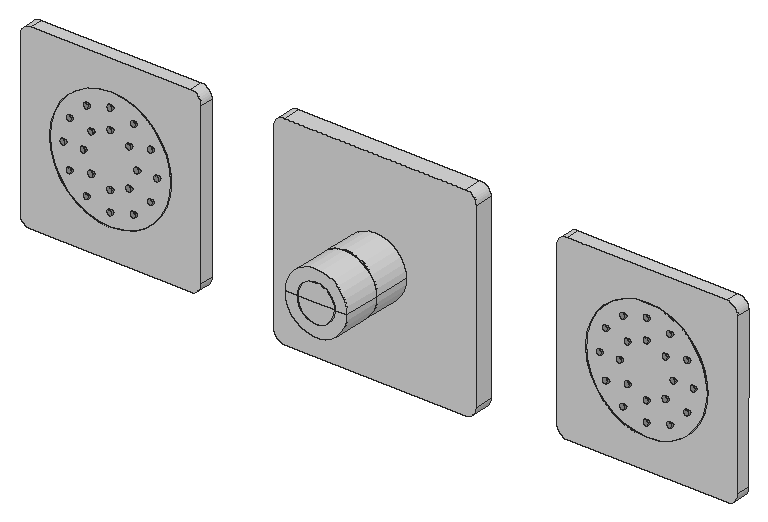
Revit family "Reece_Shower_American Standard_EasySET_Shower Set_Double Body Spray", category Plumbing Fixtures, Revit 2018
Family settings
  Round Connector Dimension = Use Diameter
  Part Type = Normal
  Work Plane-Based = Yes
  Always vertical = Yes
  Cut with Voids When Loaded = Yes
  Shared = Yes
  Room Calculation Point = Yes
Parameters
  URL = "https://www.reece.com.au/product/-9508983"
  Type Comments = "Shower"
  Reece_Shower_Inlet = 12 mm  # constant formula
  Reece_Shower_Body Shower Controller Height [instance] = 1200 mm
  Reece_Shower_Body Shower Controller Offset [instance] = 0 mm
  Reece_Shower_Body Jet 2 Height [instance] = 1200 mm
  Reece_Shower_Body Jet 2 Offset [instance] = 200 mm
  Reece_Shower_Body Jet 1 Height [instance] = 1200 mm
  Reece_Shower_Body Jet 1 Offset [instance] = 200 mm
  Reece_Product_Web Page = "https://www.reece.com.au/product/-9508983"
  Reece_Product_Type = "Shower"  # constant formula
  Reece_Product_Sub Brand = "EasySET"  # constant formula
  Reece_Product_Number = "9508983"
  Reece_Product_Mount = "Wall Mounted"
  Reece_Product_Description = "American Standard EasySET Double Body Spray Add-On to EasySET Thermostat Chrome"
  Reece_Product_Brand = "American Standard"  # constant formula
  Reece_Overall_Width [instance] = 535 mm
  Reece_Overall_Height [instance] = 151 mm
  Reece_Material_Secondary = Reece_Plastic_ABS
  Reece_Material_Main = Reece_Brass_Chrome
  Reece_Detail_Disclaimer = "THIS FILE IS THE PROPERTY OF THE REECE GROUP. IT MAY NOT BE REPRODUCED, REVERSE-ENGINEERED OR MODIFIED. ANY REPUBLICATION, TRANSMISSION OR DISTRIBUTION FOR THE PURPOSE OF COMMERCIALLY EXPLOITING THE FILES IS PROHIBITED."  # constant formula
  Reece_Detail_Additional = "Double Body Spray"  # constant formula
  Model = "EasySET"
  Manufacturer = "American Standard"
  Keynote = "Product #9508983, Reece_Shower_American Standard_EasySET_Shower Set_Double Body Spray -  "
  Disclaimer = "THIS FILE IS THE PROPERTY OF THE REECE GROUP. IT MAY NOT BE REPRODUCED, REVERSE-ENGINEERED OR MODIFIED. ANY REPUBLICATION, TRANSMISSION OR DISTRIBUTION FOR THE PURPOSE OF COMMERCIALLY EXPLOITING THE FILES IS PROHIBITED."  # constant formula
  Description = "American Standard EasySET Double Body Spray Add-On to EasySET Thermostat Chrome"
  Default Elevation = 0 mm
Types (2, lengths in mm): name | Keynote
  (no name) | "Product #9508983, Reece_Shower_American Standard_EasySET_Shower Set_Double Body Spray -  "
  Chrome | "Product #9508983, Reece_Shower_American Standard_EasySET_Shower Set_Double Body Spray - Chrome"
Reference planes
  plane 1 "Center (Front/Back)": y = 0
  plane 2 "Body Shower Controller Height": z = 1200
  plane 3 "Center (Left/Right)": x = 0
  plane 4 "Bottom Of Invisible Line": z = -5
  plane 5 "Body Jet 1 CL": x = -200
  plane 6 "Body Jet 2 CL": x = 200
  plane 7: x = -267.5
  plane 8: x = 267.5
  plane 9: z = 1275.5
  plane 10: z = 1124.5
  plane 11 "Body Shower Controller CL": x = 0
  plane 12 "Body Jet 1 Height": z = 1200
  plane 13 "Body Jet 2 Height": z = 1200
Lines and regions (mm)
  model lines, style "InvisibleLines"
    curve 1: line (0, 0, -5) -> (0, 0, 1200)
Text (mm)
  text "Reece ©" at (2872.125, -2467.302, 2677.385), in view "Reece Preview"
  text "Reece ©" at (353.128, -531.372, -1020.679), in view "Ref. Level"
Dimensions and locks
  locked: level to plane 4 "Bottom Of Invisible Line" at 5
  "Reece_Overall_Width": plane 7 to plane 8
  "Reece_Shower_Body Jet 1 Offset": plane 5 "Body Jet 1 CL" to plane 3 "Center (Left/Right)"
  "Reece_Shower_Body Jet 2 Offset": plane 3 "Center (Left/Right)" to plane 6 "Body Jet 2 CL"
  "Reece_Shower_Body Shower Controller Offset": plane 11 "Body Shower Controller CL" to plane 3 "Center (Left/Right)"
  "Reece_Shower_Body Shower Controller Height": plane 2 "Body Shower Controller Height" to level
  "Reece_Shower_Body Jet 1 Height": plane 12 "Body Jet 1 Height" to level
  "Reece_Shower_Body Jet 2 Height": plane 13 "Body Jet 2 Height" to level
  "Reece_Overall_Height": plane 10 to plane 9
  aligned and locked: plane 2 "Body Shower Controller Height" to curve 1
  aligned and locked: plane 4 "Bottom Of Invisible Line" to curve 1
  aligned and locked: plane 3 "Center (Left/Right)" to curve 1
  aligned and locked: nested 1 to plane 5 "Body Jet 1 CL"
  aligned and locked: plane 1 "Center (Front/Back)" to nested 1
  aligned and locked: nested 3 to plane 6 "Body Jet 2 CL"
  aligned and locked: plane 2 "Body Shower Controller Height" to nested 2
  aligned and locked: plane 11 "Body Shower Controller CL" to nested 2
  aligned and locked: nested 1 to plane 12 "Body Jet 1 Height"
  aligned and locked: plane 13 "Body Jet 2 Height" to nested 3
Nested families
  nested 1: "Reece_Shower_American Standard_EasySET_Shower Head_Body Jet_Nested" at (-200, 0, 1200) x (0, 0, 1) z (0, -1, 0), Reece_Material_Main <- "Reece_Material_Main", Reece_Material_Secondary <- "Reece_Material_Secondary", type "Chrome"
    with Reece_Material_Secondary Reece_Plastic_ABS, Reece_Material_Main Reece_Brass_Chrome
  nested 2: "Reece_Shower_American Standard_EasySET_Body Shower Controller_Nested" at (0, 0, 1200) x (-1, 0, 0) z (0, -1, 0), Reece_Material_Main <- "Reece_Material_Main", type "Chrome"
    with Reece_Material_Main Reece_Brass_Chrome
  nested 3: "Reece_Shower_American Standard_EasySET_Shower Head_Body Jet_Nested" at (200, 0, 1200) x (0, 0, 1) z (0, -1, 0), Reece_Material_Main <- "Reece_Material_Main", Reece_Material_Secondary <- "Reece_Material_Secondary", type "Chrome"
    with Reece_Material_Secondary Reece_Plastic_ABS, Reece_Material_Main Reece_Brass_Chrome
Connectors
  piping at (-200, 0, 1200), diameter 12, driven by "Reece_Shower_Inlet"
    settings: on nested 1, index 1, connector inside diameter 609.6 mm, connector length 0 mm, flow factor 0, pipe flow 0.0 L/s, pressure drop 0.0 Pa, fitting loss kfactor 0, connector angle 0.00°, fixture units 0, engagement length 0 mm, angle of deflection 0.00°, flow configuration 0, flow direction 1, fitting loss method 0, system type 29, joint type 0, gender type 0, connector reference index -1, connector utility 0, adjustable connector no, is connector primary yes, connector description ""
  piping at (0, 0, 1200), diameter 12, driven by "Reece_Shower_Inlet"
    settings: on nested 2, index 2, connector inside diameter 609.6 mm, connector length 0 mm, flow factor 0, pipe flow 0.0 L/s, pressure drop 0.0 Pa, fitting loss kfactor 0, connector angle 0.00°, fixture units 0, engagement length 0 mm, angle of deflection 0.00°, flow configuration 0, flow direction 1, fitting loss method 0, system type 29, joint type 0, gender type 0, connector reference index -1, connector utility 0, adjustable connector no, is connector primary no, connector description ""
  piping at (200, 0, 1200), diameter 12, driven by "Reece_Shower_Inlet"
    settings: on nested 3, index 3, connector inside diameter 609.6 mm, connector length 0 mm, flow factor 0, pipe flow 0.0 L/s, pressure drop 0.0 Pa, fitting loss kfactor 0, connector angle 0.00°, fixture units 0, engagement length 0 mm, angle of deflection 0.00°, flow configuration 0, flow direction 1, fitting loss method 0, system type 29, joint type 0, gender type 0, connector reference index -1, connector utility 0, adjustable connector no, is connector primary no, connector description ""
Definition of nested family "Reece_Shower_American Standard_EasySET_Shower Head_Body Jet_Nested"
  Parameters (values of type "Chrome")
    Waste Connection = no
    WFU = 0
    Vent Connection = no
    URL = ""
    Type Comments = ""
    Reece_Material_Secondary [instance] = none
    Reece_Material_Main [instance] = none
    Model = ""
    Manufacturer = ""
    Keynote = ""
    HWFU = 0
    HW Connection = no
    Description = ""
    Default Elevation = 0 mm
    Cost = 0
    CWFU = 0
    CW Connection = no
    Assembly Code = ""
  Reference planes
    plane 1 "Center (Front/Back)": y = 0
    plane 2: z = 0
    plane 3 "Center (Left/Right)": x = 0
    plane 4: x = 67.5
    plane 5: x = -67.5
    plane 6: y = 67.5
    plane 7: y = -67.5
  Forms (mm)
    Extrusion 1, solid
      sketch origin (619.2, 20, 0) x (1, 0, 0) y (0, 1, 0)
        loop
          line (-819.2, 180) -> (-819.2, -220) -> (-419.2, -220) -> (-419.2, 180) -> (-819.2, 180)
      from 0 to -35.776
    Extrusion 2, solid, material <- "Reece_Material_Main"
      sketch origin (0, 0, 0) x (1, 0, 0) y (0, 1, 0)
        loop
          arc (-59.5, 67.5) -> (-65.157, 65.157) -> (-67.5, 59.5) r 8
          line (-67.5, 59.5) -> (-67.5, -59.5)
          arc (-67.5, -59.5) -> (-65.157, -65.157) -> (-59.5, -67.5) r 8
          line (-59.5, -67.5) -> (59.5, -67.5)
          arc (59.5, -67.5) -> (65.157, -65.157) -> (67.5, -59.5) r 8
          line (67.5, -59.5) -> (67.5, 59.5)
          arc (67.5, 59.5) -> (65.157, 65.157) -> (59.5, 67.5) r 8
          line (59.5, 67.5) -> (-59.5, 67.5)
      from 0 to 10
    Extrusion 3, void
      sketch origin (0, 0, 0) x (1, 0, 0) y (0, 1, 0)
        loop
          circle (0, 0) r 45
        loop
          circle (0, 0) r 45.5
      from 8 to 10
    Extrusion 4, solid, material <- "Reece_Material_Secondary", detail levels fine
      sketch origin (0, 0, 0) x (1, 0, 0) y (0, 1, 0)
        loop
          circle (0, 35) r 1.9
        loop
          circle (0, -35) r 1.9
        loop
          circle (-35, 0) r 1.9
        loop
          circle (35, 0) r 1.9
        loop
          circle (-17.5, 30.311) r 1.9
        loop
          circle (-30.311, 17.5) r 1.9
        loop
          circle (17.5, 30.311) r 1.9
        loop
          circle (30.311, 17.5) r 1.9
        loop
          circle (-17.5, -30.311) r 1.9
        loop
          circle (-30.311, -17.5) r 1.9
        loop
          circle (17.5, -30.311) r 1.9
        loop
          circle (30.311, -17.5) r 1.9
        loop
          circle (0, 20) r 1.9
        loop
          circle (0, -20) r 1.9
        loop
          circle (20, 0) r 1.9
        loop
          circle (-20, 0) r 2
        loop
          circle (-14.142, 14.142) r 1.9
        loop
          circle (14.142, 14.142) r 1.9
        loop
          circle (-14.142, -14.142) r 2
        loop
          circle (14.142, -14.142) r 1.9
      from 8 to 11
    Extrusion 5, solid, material <- "Reece_Material_Main", detail levels fine
      sketch origin (0, 0, 0) x (1, 0, 0) y (0, 1, 0)
        loop
          circle (0, 0) r 45
      from 8 to 10
    Extrusion 6, void
      sketch origin (0, 0, 0) x (1, 0, 0) y (0, 1, 0)
        loop
          circle (0, 35) r 2
        loop
          circle (0, -35) r 2
        loop
          circle (-35, 0) r 2
        loop
          circle (35, 0) r 2
        loop
          circle (-17.5, 30.311) r 2
        loop
          circle (-30.311, 17.5) r 2
        loop
          circle (17.5, 30.311) r 2
        loop
          circle (30.311, 17.5) r 2
        loop
          circle (-17.5, -30.311) r 2
        loop
          circle (-30.311, -17.5) r 2
        loop
          circle (17.5, -30.311) r 2
        loop
          circle (30.311, -17.5) r 2
        loop
          circle (0, 20) r 2
        loop
          circle (0, -20) r 2
        loop
          circle (20, 0) r 2
        loop
          circle (-20, 0) r 2
        loop
          circle (-14.142, 14.142) r 2
        loop
          circle (14.142, 14.142) r 2
        loop
          circle (-14.142, -14.142) r 2
        loop
          circle (14.142, -14.142) r 2
      from 8 to 10
  Cuts and joins
    Extrusion 3 cuts Extrusion 2
    Extrusion 6 cuts Extrusion 5
  Text (mm)
    text "Reece Copyright © 2018, Reece Ltd." at (-684.407, -223.434, 0), in view "Ref. Level"
    text "Reece ©" at (290.323, 26.521, 334.836), in view "Reece_Preview"
  Dimensions and locks
    plane 5 to plane 4 = 135 mm
    plane 6 to plane 7 = 135 mm
    equal spacing: plane 5, plane 3 "Center (Left/Right)", plane 4
    equal spacing: plane 6, plane 1 "Center (Front/Back)", plane 7
    aligned and locked: Extrusion 1 to plane 2
    aligned and locked: level to Extrusion 1
  Automatic sketch dimensions
    Extrusion 1 sketch curve to Extrusion 1 sketch curve = 400 mm  (x2)
    Extrusion 2 sketch curve to plane 5 = 0 mm
    Extrusion 2 sketch curve to plane 7 = 0 mm
    Extrusion 2 sketch curve to plane 6 = 0 mm
    Extrusion 2 sketch curve to plane 4 = 0 mm
    Extrusion 2 sketch curve to plane 5 = 8 mm
    Extrusion 2 sketch curve to Extrusion 2 sketch curve = 8 mm  (x2)
    plane 4 to Extrusion 2 sketch curve = 8 mm
    Extrusion 3 sketch curve to Extrusion 3 sketch curve = 0 mm  (x2)
    plane 1 "Center (Front/Back)" to Extrusion 3 sketch curve = 0 mm
    Extrusion 3 sketch curve to plane 3 "Center (Left/Right)" = 0 mm
    plane 1 "Center (Front/Back)" to Extrusion 4 sketch curve = 0 mm  (x4)
    Extrusion 4 sketch curve to plane 3 "Center (Left/Right)" = 0 mm  (x4)
    Extrusion 4 sketch curve to plane 3 "Center (Left/Right)" = 14.142 mm  (x2)
    Extrusion 4 sketch curve to Extrusion 4 sketch curve = 3.358 mm  (x8)
    Extrusion 4 sketch curve to Extrusion 4 sketch curve = 5.858 mm  (x4)
    Extrusion 4 sketch curve to Extrusion 4 sketch curve = 16.169 mm  (x8)
    Extrusion 4 sketch curve to Extrusion 4 sketch curve = 15 mm  (x4)
    plane 3 "Center (Left/Right)" to Extrusion 4 sketch curve = 14.142 mm  (x2)
    plane 1 "Center (Front/Back)" to Extrusion 4 sketch curve = 14.142 mm  (x2)
    Extrusion 4 sketch curve to plane 1 "Center (Front/Back)" = 14.142 mm  (x2)
    plane 1 "Center (Front/Back)" to Extrusion 5 sketch curve = 0 mm
    Extrusion 5 sketch curve to plane 3 "Center (Left/Right)" = 0 mm
    plane 1 "Center (Front/Back)" to Extrusion 6 sketch curve = 0 mm  (x4)
    Extrusion 6 sketch curve to plane 3 "Center (Left/Right)" = 0 mm  (x4)
    Extrusion 6 sketch curve to plane 3 "Center (Left/Right)" = 14.142 mm  (x2)
    Extrusion 6 sketch curve to Extrusion 6 sketch curve = 3.358 mm  (x8)
    Extrusion 6 sketch curve to Extrusion 6 sketch curve = 5.858 mm  (x4)
    Extrusion 6 sketch curve to Extrusion 6 sketch curve = 16.169 mm  (x8)
    Extrusion 6 sketch curve to Extrusion 6 sketch curve = 15 mm  (x4)
    plane 3 "Center (Left/Right)" to Extrusion 6 sketch curve = 14.142 mm  (x2)
    plane 1 "Center (Front/Back)" to Extrusion 6 sketch curve = 14.142 mm  (x2)
    Extrusion 6 sketch curve to plane 1 "Center (Front/Back)" = 14.142 mm  (x2)
    radius of Extrusion 3 sketch curve = 45 mm
    radius of Extrusion 3 sketch curve = 45.5 mm
    radius of Extrusion 4 sketch curve = 1.9 mm  (x18)
    radius of Extrusion 4 sketch curve = 2 mm  (x2)
    radius of Extrusion 5 sketch curve = 45 mm
    radius of Extrusion 6 sketch curve = 2 mm  (x20)
Definition of nested family "Reece_Shower_American Standard_EasySET_Body Shower Controller_Nested"
  Parameters (values of type "Chrome")
    Waste Connection = no
    WFU = 0
    Vent Connection = no
    URL = ""
    Type Comments = ""
    Reece_Material_Main [instance] = none
    Model = ""
    Manufacturer = ""
    Keynote = ""
    HWFU = 0
    HW Connection = no
    Description = ""
    Default Elevation = 0 mm
    Cost = 0
    CWFU = 0
    CW Connection = no
    Assembly Code = ""
  Reference planes
    plane 1 "Center (Front/Back)": y = 0
    plane 2: z = 0
    plane 3 "Center (Left/Right)": x = 0
    plane 4: x = 75.5
    plane 5: x = -75.5
    plane 6: y = 75.5
    plane 7: y = -75.5
  Forms (mm)
    Extrusion 1, solid
      sketch origin (619.2, 20, 0) x (1, 0, 0) y (0, 1, 0)
        loop
          line (-819.2, 180) -> (-819.2, -220) -> (-419.2, -220) -> (-419.2, 180) -> (-819.2, 180)
      from 0 to -35.776
    Extrusion 2, solid, material <- "Reece_Material_Main"
      sketch origin (0, 0, 0) x (1, 0, 0) y (0, 1, 0)
        loop
          arc (-67.5, 75.5) -> (-73.157, 73.157) -> (-75.5, 67.5) r 8
          line (-75.5, 67.5) -> (-75.5, -67.5)
          arc (-75.5, -67.5) -> (-73.157, -73.157) -> (-67.5, -75.5) r 8
          line (-67.5, -75.5) -> (67.5, -75.5)
          arc (67.5, -75.5) -> (73.157, -73.157) -> (75.5, -67.5) r 8
          line (75.5, -67.5) -> (75.5, 67.5)
          arc (75.5, 67.5) -> (73.157, 73.157) -> (67.5, 75.5) r 8
          line (67.5, 75.5) -> (-67.5, 75.5)
      from 0 to 13.5
    Revolve 3, solid, material <- "Reece_Material_Main"
      sketch origin (0, 0, 0) x (1, 0, 0) y (0, 0, 1)
        loop
          line (0, 68.5) -> (-23, 68.5) -> (-23, 41.5) -> (-22, 41.5) -> (-22, 40.5) -> (-23, 40.5) -> (-23, 13.5) -> (0, 13.5) -> (0, 68.5)
        axis (0, 68.5) -> (0, 13.5)
      angle from 0 to 360
    Extrusion 4, void
      sketch origin (0, 0, 0) x (1, 0, 0) y (0, 1, 0)
        loop
          circle (0, 0) r 13.8
        loop
          circle (0, 0) r 14
      from 68 to 69.956
    Extrusion 5, void
      sketch origin (0, 0, 0) x (1, 0, 0) y (0, 1, 0)
        loop
          circle (0, 0) r 22.5
      from 0 to 13.5
  Cuts and joins
    Extrusion 4, Extrusion 5 cuts Extrusion 2
    Extrusion 4 cuts Revolve 3
    joined: Extrusion 2, Revolve 3
  Text (mm)
    text "Reece Copyright © 2018, Reece Ltd." at (-684.407, -223.434, 0), in view "Ref. Level"
    text "Reece ©" at (290.323, 26.521, 334.836), in view "Reece_Preview"
  Dimensions and locks
    plane 5 to plane 4 = 151 mm
    plane 6 to plane 7 = 151 mm
    equal spacing: plane 5, plane 3 "Center (Left/Right)", plane 4
    equal spacing: plane 6, plane 1 "Center (Front/Back)", plane 7
    aligned and locked: Extrusion 1 to plane 2
    aligned and locked: level to Extrusion 1
    aligned and locked: Revolve 3 sketch curve to plane 3 "Center (Left/Right)"
  Automatic sketch dimensions
    Extrusion 1 sketch curve to Extrusion 1 sketch curve = 400 mm  (x2)
    Extrusion 2 sketch curve to plane 5 = 0 mm
    Extrusion 2 sketch curve to plane 7 = 0 mm
    Extrusion 2 sketch curve to plane 6 = 0 mm
    Extrusion 2 sketch curve to plane 4 = 0 mm
    Extrusion 2 sketch curve to plane 5 = 8 mm
    Extrusion 2 sketch curve to Extrusion 2 sketch curve = 8 mm  (x2)
    plane 4 to Extrusion 2 sketch curve = 8 mm
    Revolve 3 sketch curve to plane 3 "Center (Left/Right)" = 0 mm
    Revolve 3 sketch curve to plane 3 "Center (Left/Right)" = 22 mm
    Revolve 3 sketch curve to Revolve 3 sketch curve = 1 mm  (x2)
    Revolve 3 sketch curve to Revolve 3 sketch curve = 0 mm
    level to Revolve 3 sketch curve = 13.5 mm
    Revolve 3 sketch curve to Revolve 3 sketch curve = 27 mm  (x2)
    Revolve 3 sketch curve to level = 6.5 mm
    Revolve 3 sketch curve to Revolve 3 sketch curve = 15 mm
    plane 1 "Center (Front/Back)" to Extrusion 4 sketch curve = 0 mm
    Extrusion 4 sketch curve to plane 3 "Center (Left/Right)" = 0 mm
    Extrusion 4 sketch curve to Extrusion 4 sketch curve = 0 mm  (x2)
    plane 1 "Center (Front/Back)" to Extrusion 5 sketch curve = 0 mm
    Extrusion 5 sketch curve to plane 3 "Center (Left/Right)" = 0 mm
    radius of Extrusion 4 sketch curve = 13.8 mm
    radius of Extrusion 4 sketch curve = 14 mm
    radius of Extrusion 5 sketch curve = 22.5 mm
